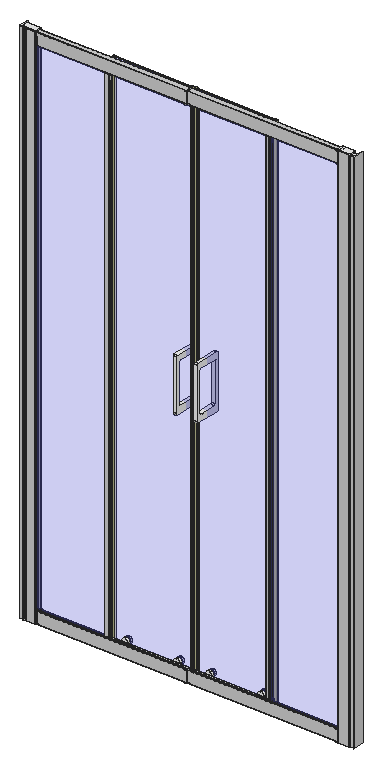
Revit family "TOPS4", category Plumbing Fixtures, Revit 2015
Parameters (values of type "1200")
  URL = "http://www.sanswiss.com/"
  Type Comments = "TOP LINE"
  Seal = Seal
  Profile = Profile
  Model = "TOPS4"
  Manufacturer = "SanSwiss"
  Glass = Glass
  Aluminum = Aluminum
  AA = TOPS4_ : 1200
  A = 1200 mm
Types (4, lengths in mm): name | AA | A
  (no name) | TOPS4_ : 1200 | 1200
  1200 | TOPS4_ : 1200 | 1200
  1400 | TOPS4_ : 1400 | 1400
  1600 | TOPS4_ : 1600 | 1600
Reference planes
  plane 1 "Center (Front/Back)": y = 0
  plane 2: z = 0
  plane 3 "Center (Left/Right)": x = 0
  plane 4: x = 1200
  plane 5: x = 411
  plane 6: x = 1189
Dimensions and locks
  "A": plane 3 "Center (Left/Right)" to plane 4
  plane 3 "Center (Left/Right)" to plane 5 to plane 6 to plane 4 = 411 mm, 778 mm, 11 mm
  aligned and locked: level to plane 2
  aligned and locked: plane 3 "Center (Left/Right)" to nested 1
  aligned and locked: nested 2 to plane 4
Nested families
  nested 1: "TOPS4_" at (0, 0, 0), type <- "AA", type "1200"
  nested 2: "TOPS4_" at (1200, 0, 0) x (-1, 0, 0) z (0, 0, 1), type <- "AA", type "1200"
Definition of nested family "TOPS4_"
  Parameters (values of type "1200")
    Seal = none
    Profile = none
    Glass = none
    C = 289 mm
    B = 311 mm
    Aluminum = none
    A = B + C  # 600 mm
  Types (3, lengths in mm): name | C | B | A
    1200 | 289 | 311 | 600
    1600 | 389 | 411 | 800
    1400 | 339 | 361 | 700
  Reference planes
    plane 1 "Center (Front/Back)": y = 0
    plane 2: z = 0
    plane 3 "Center (Left/Right)": x = 0
    plane 4 "koniec": x = 600
    plane 5: x = 556.533
    plane 6: x = 593
    plane 7: x = 311
    plane 8: x = 356.146
    plane 9: x = 542.893
  Forms (mm)
    Sweep 1, solid, material <- "Profile"
      path origin (0, 12.3, 0) x (0, 1, 0) y (0, 0, 1)
        loop
          line (0, 1900.5) -> (0, 0)
      profile origin (0, 12.3, 950.25) x (1, 0, 0) y (0, 1, 0)
        loop
          line (1.457, -9) -> (32.5, -9)
          arc (32.5, -9) -> (33.561, -8.561) -> (34, -7.5) r 1.5
          line (34, -7.5) -> (34, 7.5)
          arc (34, 7.5) -> (33.561, 8.561) -> (32.5, 9) r 1.5
          line (32.5, 9) -> (2.518, 9)
          arc (2.518, 9) -> (1.798, 9.298) -> (1.5, 10.018) r 1.018
          line (1.5, 10.018) -> (1.5, 27.3)
          arc (1.5, 27.3) -> (1.061, 28.361) -> (0, 28.8) r 1.5
          line (0, 28.8) -> (0, -7.543)
          arc (0, -7.543) -> (0.427, -8.573) -> (1.457, -9) r 1.457
    Sweep 2, solid, material <- "Profile"
      path origin (0, 12.3, 0) x (0, 1, 0) y (0, 0, 1)
        loop
          line (0, 1902.5) -> (0, 0)
      profile origin (0, 12.3, 951.25) x (1, 0, 0) y (0, 1, 0)
        loop
          line (14.5, 9) -> (16, 9) -> (16, 11) -> (22.9, 11) -> (22.9, 9.2) -> (24.2, 9.2) -> (24.2, 11) -> (56.7, 11)
          arc (56.7, 11) -> (57.054, 10.854) -> (57.2, 10.5) r 0.5
          line (57.2, 10.5) -> (57.2, 6.4)
          arc (57.2, 6.4) -> (57.054, 6.046) -> (56.7, 5.9) r 0.5
          line (56.7, 5.9) -> (48.542, 5.9)
          arc (48.542, 5.9) -> (47.452, 5.448) -> (47, 4.358) r 1.542
          line (47, 4.358) -> (47, -4.422)
          arc (47, -4.422) -> (47.433, -5.467) -> (48.478, -5.9) r 1.478
          line (48.478, -5.9) -> (56.7, -5.9)
          arc (56.7, -5.9) -> (57.054, -6.046) -> (57.2, -6.4) r 0.5
          line (57.2, -6.4) -> (57.2, -10.5)
          arc (57.2, -10.5) -> (57.054, -10.854) -> (56.7, -11) r 0.5
          line (56.7, -11) -> (24.2, -11) -> (24.2, -9.2) -> (22.9, -9.2) -> (22.9, -11) -> (16, -11) -> (16, -9) -> (14.5, -9) -> (14.5, -10.8)
          arc (14.5, -10.8) -> (14.939, -11.861) -> (16, -12.3) r 1.5
          line (16, -12.3) -> (57.499, -12.3)
          arc (57.499, -12.3) -> (58.207, -12.007) -> (58.5, -11.299) r 1.001
          line (58.5, -11.299) -> (58.5, -4.639)
          arc (58.5, -4.639) -> (58.313, -4.187) -> (57.861, -4) r 0.639
          line (57.861, -4) -> (48.3, -4) -> (48.3, 4) -> (57.913, 4)
          arc (57.913, 4) -> (58.328, 4.172) -> (58.5, 4.587) r 0.587
          line (58.5, 4.587) -> (58.5, 11.329)
          arc (58.5, 11.329) -> (58.216, 12.016) -> (57.529, 12.3) r 0.971
          line (57.529, 12.3) -> (16, 12.3)
          arc (16, 12.3) -> (14.939, 11.861) -> (14.5, 10.8) r 1.5
          line (14.5, 10.8) -> (14.5, 9)
    Extrusion 3, solid, material <- "Glass"
      sketch origin (-175.779, 0.119, -1) x (0, -1, 0) y (1, 0, 0)
        loop
          line (-15.181, 486.779) -> (-15.181, 227.079) -> (-9.181, 227.079) -> (-9.181, 486.779) -> (-15.181, 486.779)
      from 41 to 1859
    Extrusion 4, solid, material <- "Glass"
      sketch origin (1075.162, 29.219, 0) x (0, 1, 0) y (-1, 0, 0)
        loop
          line (14.681, 769.215) -> (8.681, 769.215) -> (8.681, 482.162) -> (14.681, 482.162) -> (14.681, 769.215)
      from 14.5 to 1894.5
    Extrusion 5, solid, material <- "Aluminum"
      sketch origin (0, 0, 0) x (1, 0, 0) y (0, 1, 0)
        loop
          line (34, 4.809) -> (34, 19.786)
          arc (34, 19.786) -> (33.557, 20.857) -> (32.486, 21.3) r 1.514
          line (32.486, 21.3) -> (1.499, 21.3)
          arc (1.499, 21.3) -> (0.439, 20.861) -> (0, 19.801) r 1.499
          line (0, 19.801) -> (0, 4.811)
          arc (0, 4.811) -> (0.443, 3.743) -> (1.511, 3.3) r 1.511
          line (1.511, 3.3) -> (32.491, 3.3)
          arc (32.491, 3.3) -> (33.558, 3.742) -> (34, 4.809) r 1.509
      from 1900.5 to 1901.5
    Extrusion 6, solid, material <- "Aluminum"
      sketch origin (0, 0, 0) x (1, 0, 0) y (0, 1, 0)
        loop
          line (57.68, 24.6) -> (16.035, 24.6)
          arc (16.035, 24.6) -> (14.95, 24.15) -> (14.5, 23.065) r 1.535
          line (14.5, 23.065) -> (14.5, 21.214)
          arc (14.5, 21.214) -> (13.134, 21.025) -> (12.5, 19.8) r 1.5
          line (12.5, 19.8) -> (12.5, 4.8)
          arc (12.5, 4.8) -> (13.134, 3.575) -> (14.5, 3.386) r 1.5
          line (14.5, 3.386) -> (14.5, 1.474)
          arc (14.5, 1.474) -> (14.932, 0.432) -> (15.974, 0) r 1.474
          line (15.974, 0) -> (57.668, 0)
          arc (57.668, 0) -> (58.256, 0.244) -> (58.5, 0.832) r 0.832
          line (58.5, 0.832) -> (58.5, 23.78)
          arc (58.5, 23.78) -> (58.26, 24.36) -> (57.68, 24.6) r 0.82
      from 1902.5 to 1905
    Extrusion 7, solid, material <- "Profile"
      sketch origin (751.265, 9.581, 1884.563) x (0, 0, -1) y (0, -1, 0)
        loop
          arc (-16.42, 8.081) -> (-17.493, 7.636) -> (-17.937, 6.564) r 1.517
          line (-17.937, 6.564) -> (-17.937, -11.794)
          arc (-17.937, -11.794) -> (-17.49, -12.873) -> (-16.412, -13.319) r 1.525
          line (-16.412, -13.319) -> (-11.169, -13.319)
          arc (-11.169, -13.319) -> (-9.871, -12.825) -> (-9.189, -11.615) r 2.041
          arc (-9.189, -11.615) -> (-6.793, -6.635) -> (-2.1, -3.715) r 9.898
          line (-2.1, -3.715) -> (-1.529, -3.145)
          arc (-1.529, -3.145) -> (-1.215, -2.487) -> (-0.537, -2.219) r 0.995
          line (-0.537, -2.219) -> (14.583, -2.219)
          arc (14.583, -2.219) -> (15.276, -2.506) -> (15.563, -3.199) r 0.98
          line (15.563, -3.199) -> (15.563, -4.486)
          arc (15.563, -4.486) -> (15.721, -4.92) -> (16.121, -5.151) r 0.676
          line (16.121, -5.151) -> (17.919, -5.468)
          arc (17.919, -5.468) -> (20.551, -8.898) -> (17.363, -11.819) r 3.2
          line (17.363, -11.819) -> (16.313, -11.819)
          arc (16.313, -11.819) -> (15.563, -12.569) -> (16.313, -13.319) r 0.75
          line (16.313, -13.319) -> (17.363, -13.319)
          arc (17.363, -13.319) -> (20.686, -11.943) -> (22.063, -8.619) r 4.7
          line (22.063, -8.619) -> (22.063, 6.581) -> (25.063, 6.581) -> (25.063, 4.981) -> (24.075, 4.512) -> (24.475, 3.412) -> (25.552, 3.35)
          arc (25.552, 3.35) -> (26.281, 3.845) -> (26.563, 4.681) r 1.381
          line (26.563, 4.681) -> (26.563, 6.7)
          arc (26.563, 6.7) -> (26.158, 7.676) -> (25.182, 8.081) r 1.381
          line (25.182, 8.081) -> (-16.42, 8.081)
      from 151.265 to 696.265
    Extrusion 8, solid, material <- "Aluminum"
      sketch origin (1.5, 22.318, 1900.5) x (0, 0, -1) y (0, 1, 0)
        loop
          circle (100, 8.982) r 6.734
      from 0 to 5.417
    Extrusion 9, solid, material <- "Aluminum"
      sketch origin (1.5, 22.318, 1051.472) x (0, 0, -1) y (0, 1, 0)
        loop
          circle (102.5, 8.982) r 6.734
      from 0 to 5.417
    Extrusion 10, solid, material <- "Aluminum"
      sketch origin (1.5, 22.318, 202.454) x (0, 0, -1) y (0, 1, 0)
        loop
          circle (102.5, 8.982) r 6.734
      from 0 to 5.417
    Extrusion 11, solid, material <- "Profile"
      sketch origin (58.5, 10.545, 23.549) x (0, -1, 0) y (0, 0, 1)
        loop
          line (9.099, -21.998) -> (9.099, 19.878)
          arc (9.099, 19.878) -> (8.604, 21.073) -> (7.409, 21.569) r 1.691
          line (7.409, 21.569) -> (5.602, 21.569)
          arc (5.602, 21.569) -> (4.748, 21.215) -> (4.394, 20.36) r 1.209
          arc (4.394, 20.36) -> (4.355, 19.762) -> (4.868, 19.451) r 0.578
          line (4.868, 19.451) -> (6.945, 19.451)
          arc (6.945, 19.451) -> (7.299, 19.305) -> (7.445, 18.951) r 0.5
          line (7.445, 18.951) -> (7.445, 16.451) -> (-7.755, 16.451)
          arc (-7.755, 16.451) -> (-11.078, 15.075) -> (-12.455, 11.751) r 4.7
          line (-12.455, 11.751) -> (-12.455, 10.701)
          arc (-12.455, 10.701) -> (-11.705, 9.951) -> (-10.955, 10.701) r 0.75
          line (-10.955, 10.701) -> (-10.955, 11.751)
          arc (-10.955, 11.751) -> (-8.034, 14.939) -> (-4.603, 12.307) r 3.2
          line (-4.603, 12.307) -> (-4.274, 10.439)
          arc (-4.274, 10.439) -> (-4.072, 10.089) -> (-3.694, 9.951) r 0.589
          line (-3.694, 9.951) -> (-2.331, 9.951)
          arc (-2.331, 9.951) -> (-1.641, 9.665) -> (-1.355, 8.975) r 0.977
          line (-1.355, 8.975) -> (-1.355, -6.149)
          arc (-1.355, -6.149) -> (-1.556, -6.749) -> (-2.078, -7.107) r 0.997
          line (-2.078, -7.107) -> (-2.791, -7.521) -> (-3.079, -8.426)
          arc (-3.079, -8.426) -> (-5.725, -12.329) -> (-9.855, -14.606) r 10.101
          line (-9.855, -14.606) -> (-10.87, -14.829)
          arc (-10.87, -14.829) -> (-12.016, -15.522) -> (-12.465, -16.782) r 1.994
          line (-12.465, -16.782) -> (-12.465, -22.045)
          arc (-12.465, -22.045) -> (-12.013, -23.136) -> (-10.923, -23.587) r 1.542
          line (-10.923, -23.587) -> (7.51, -23.587)
          arc (7.51, -23.587) -> (8.634, -23.122) -> (9.099, -21.998) r 1.589
      from -541.5 to 0
    Sweep 12, solid, material <- "Profile"
      path origin (311, 9.3, -1) x (0, 1, 0) y (0, 0, 1)
        loop
          line (3, 1859) -> (3, 41)
      profile origin (311, 12.3, 949) x (1, 0, 0) y (0, 1, 0)
        loop
          line (1.9, 5.523) -> (1.9, 9.873)
          arc (1.9, 9.873) -> (1.25, 10.523) -> (0.6, 9.873) r 0.65
          line (0.6, 9.873) -> (0.6, 5.523) -> (-8.895, 5.523)
          arc (-8.895, 5.523) -> (-9.645, 4.773) -> (-8.895, 4.023) r 0.75
          line (-8.895, 4.023) -> (0.066, 4.023)
          arc (0.066, 4.023) -> (0.444, 3.866) -> (0.6, 3.489) r 0.534
          line (0.6, 3.489) -> (0.6, -3.443)
          arc (0.6, -3.443) -> (0.444, -3.82) -> (0.066, -3.977) r 0.534
          line (0.066, -3.977) -> (-8.88, -3.977)
          arc (-8.88, -3.977) -> (-9.63, -4.727) -> (-8.88, -5.477) r 0.75
          line (-8.88, -5.477) -> (7.385, -5.477)
          arc (7.385, -5.477) -> (8.103, -5.179) -> (8.4, -4.462) r 1.015
          line (8.4, -4.462) -> (8.4, 4.508)
          arc (8.4, 4.508) -> (8.103, 5.226) -> (7.384, 5.523) r 1.016
          line (7.384, 5.523) -> (1.9, 5.523)
    Sweep 13, solid, material <- "Seal"
      path origin (305.948, 37.9, 0) x (0, 1, 0) y (0, 0, -1)
        loop
          line (3, -1894.5) -> (3, -14.5)
      profile origin (305.948, 40.9, 954.5) x (-1, 0, 0) y (0, -1, 0)
        loop
          arc (1.2, 20.901) -> (0.905, 21.201) -> (0.6, 20.911) r 0.3
          line (0.6, 20.911) -> (0.024, 4.424) -> (-8.049, 3.923)
          arc (-8.049, 3.923) -> (-8.627, 3.626) -> (-8.8, 3) r 0.809
          line (-8.8, 3) -> (-3.532, 3) -> (-0.319, 3.199) -> (0, 2.448) -> (0, -2.448) -> (-0.319, -3.199) -> (-3.532, -3) -> (-8.8, -3)
          arc (-8.8, -3) -> (-8.627, -3.626) -> (-8.049, -3.923) r 0.809
          line (-8.049, -3.923) -> (-0.369, -4.398)
          arc (-0.369, -4.398) -> (0.734, -4) -> (1.2, -2.923) r 1.478
          line (1.2, -2.923) -> (1.2, 20.901)
    Extrusion 14, void
      sketch origin (581.048, 19.999, 1894.5) x (0, 1, 0) y (0, 0, -1)
        loop
          line (5.7, 1851) -> (5.7, 1880) -> (-2.176, 1880) -> (-2.176, 1843.001)
          arc (-2.176, 1843.001) -> (3.401, 1845.387) -> (5.7, 1851) r 8
      from -388.862 to 378.8
    Extrusion 15, void
      sketch origin (581.048, 19.999, 15.369) x (0, 1, 0) y (0, 0, -1)
        loop
          arc (5.7, -1851) -> (3.401, -1845.387) -> (-2.176, -1843.001) r 8
          line (-2.176, -1843.001) -> (-2.176, -1880) -> (5.7, -1880) -> (5.7, -1851)
      from -446.447 to 491.048
    Sweep 16, solid, material <- "Seal"
      path origin (593, 43.9, 0) x (0, -1, 0) y (0, 0, -1)
        loop
          line (3, -1894.5) -> (3, -14.5)
      profile origin (593, 40.9, 954.5) x (1, 0, 0) y (0, 1, 0)
        loop
          line (-3.108, 3.003) -> (-1.095, 3.286)
          arc (-1.095, 3.286) -> (-0.377, 3.1) -> (0, 2.46) r 0.97
          line (0, 2.46) -> (0, -2.46)
          arc (0, -2.46) -> (-0.377, -3.1) -> (-1.095, -3.286) r 0.97
          line (-1.095, -3.286) -> (-3.149, -2.997) -> (-7.029, -2.988)
          arc (-7.029, -2.988) -> (-6.774, -3.49) -> (-6.279, -3.757) r 0.947
          line (-6.279, -3.757) -> (-1.312, -4.477)
          arc (-1.312, -4.477) -> (-0.753, -4.486) -> (-0.209, -4.355) r 2.201
          arc (-0.209, -4.355) -> (1.689, -5.925) -> (4.084, -6.504) r 5.475
          arc (4.084, -6.504) -> (6.111, -5.903) -> (6.988, -3.979) r 2.549
          line (6.988, -3.979) -> (6.988, 3.979)
          arc (6.988, 3.979) -> (6.111, 5.903) -> (4.084, 6.504) r 2.549
          arc (4.084, 6.504) -> (1.689, 5.925) -> (-0.209, 4.355) r 5.475
          arc (-0.209, 4.355) -> (-0.753, 4.486) -> (-1.312, 4.477) r 2.201
          line (-1.312, 4.477) -> (-6.279, 3.757)
          arc (-6.279, 3.757) -> (-6.765, 3.498) -> (-7.025, 3.012) r 0.947
          line (-7.025, 3.012) -> (-3.108, 3.003)
  Cuts and joins
    Extrusion 14, Extrusion 15 cuts Sweep 13
    Extrusion 15 cuts Extrusion 11
    Extrusion 15 cuts Sweep 12
  Dimensions and locks
    locked: plane 5 to plane 4 "koniec" at 43.467
    locked: plane 6 to plane 4 "koniec" at 7
    locked: plane 9 to plane 4 "koniec" at 57.107
    "B": plane 3 "Center (Left/Right)" to plane 7
    "C": plane 7 to plane 4 "koniec"
    locked: plane 7 to plane 8 at 45.146
    aligned and locked: level to plane 2
    aligned and locked: plane 5 to nested 1
    aligned and locked: plane 6 to Extrusion 4
    aligned and locked: Extrusion 3 to plane 7
    aligned and locked: nested 2 to plane 8
    aligned and locked: plane 9 to nested 3
    aligned and locked: plane 4 "koniec" to Extrusion 7
    aligned and locked: plane 4 "koniec" to cut or joined group of Extrusion 11, Extrusion 15
    aligned and locked: plane 9 to nested 5
    aligned and locked: nested 4 to plane 8
  Automatic sketch dimensions
    Sweep 1 sketch curve to level = 0 mm
    Sweep 1 sketch curve to plane 1 "Center (Front/Back)" = 12.3 mm
    level to Sweep 1 sketch curve = 1900.5 mm
    Sweep 2 sketch curve to level = 0 mm
    Sweep 2 sketch curve to plane 1 "Center (Front/Back)" = 12.3 mm
    level to Sweep 2 sketch curve = 1902.5 mm
    Extrusion 3 sketch curve to plane 7 = 0 mm
    Extrusion 3 sketch curve to plane 1 "Center (Front/Back)" = 15.3 mm
    Extrusion 3 sketch curve to Extrusion 3 sketch curve = 6 mm
    plane 3 "Center (Left/Right)" to Extrusion 3 sketch curve = 51.3 mm
    Extrusion 4 sketch curve to plane 6 = 0 mm
    Extrusion 4 sketch curve to plane 1 "Center (Front/Back)" = 37.9 mm
    Extrusion 4 sketch curve to Extrusion 4 sketch curve = 6 mm
    Extrusion 5 sketch curve to plane 3 "Center (Left/Right)" = 0 mm
    plane 3 "Center (Left/Right)" to Extrusion 5 sketch curve = 1.499 mm
    plane 3 "Center (Left/Right)" to Extrusion 5 sketch curve = 1.511 mm
    Extrusion 5 sketch curve to plane 1 "Center (Front/Back)" = 19.786 mm
    Extrusion 5 sketch curve to Extrusion 5 sketch curve = 30.987 mm
    Extrusion 5 sketch curve to plane 1 "Center (Front/Back)" = 4.809 mm
    Extrusion 5 sketch curve to Extrusion 5 sketch curve = 0.005 mm
    Extrusion 5 sketch curve to Extrusion 5 sketch curve = 1.514 mm
    plane 1 "Center (Front/Back)" to Extrusion 6 sketch curve = 0 mm
    plane 3 "Center (Left/Right)" to Extrusion 6 sketch curve = 12.5 mm
    Extrusion 6 sketch curve to Extrusion 6 sketch curve = 1.5 mm  (x2)
    Extrusion 6 sketch curve to plane 1 "Center (Front/Back)" = 1.474 mm
    Extrusion 6 sketch curve to Extrusion 6 sketch curve = 0.5 mm  (x2)
    Extrusion 6 sketch curve to Extrusion 6 sketch curve = 1.535 mm
    Extrusion 6 sketch curve to plane 1 "Center (Front/Back)" = 0.832 mm
    Extrusion 6 sketch curve to Extrusion 6 sketch curve = 41.694 mm
    Extrusion 6 sketch curve to Extrusion 6 sketch curve = 0.82 mm
    Extrusion 6 sketch curve to Extrusion 6 sketch curve = 1.912 mm
    Extrusion 6 sketch curve to Extrusion 6 sketch curve = 15 mm
    Extrusion 6 sketch curve to Extrusion 6 sketch curve = 1.851 mm
    Sweep 1 to Extrusion 8 sketch curve = 8.982 mm
    Sweep 1 to Extrusion 8 sketch curve = 100 mm
    Sweep 1 to Extrusion 9 sketch curve = 8.982 mm
    Sweep 1 to Extrusion 9 sketch curve = 948.972 mm
    Sweep 1 to Extrusion 10 sketch curve = 8.982 mm
    Sweep 1 to Extrusion 10 sketch curve = 99.954 mm
    Sweep 12 sketch curve to Extrusion 3 = 0 mm
    Extrusion 3 to Sweep 12 sketch curve = 3 mm
    Extrusion 3 to Sweep 12 sketch curve = 0 mm
    Sweep 13 sketch curve to Extrusion 4 = 0 mm
    Extrusion 4 to Sweep 13 sketch curve = 0 mm
    Sweep 13 sketch curve to Extrusion 4 = 3 mm
    Sweep 13 sketch curve to profile plane = 0.278 mm
    Sweep 13 sketch curve to Sweep 13 sketch curve = 0.041 mm
    Sweep 13 sketch curve to profile plane = 0.319 mm
    Sweep 13 sketch curve to profile plane = 0.369 mm
    Sweep 13 sketch curve to Sweep 13 sketch curve = 3.213 mm  (x2)
    Sweep 13 sketch curve to Sweep 13 sketch curve = 4.467 mm  (x2)
    profile plane to Sweep 13 sketch curve = 3.923 mm
    Sweep 13 sketch curve to Sweep 13 sketch curve = 0.05 mm  (x2)
    Sweep 13 sketch curve to Sweep 13 sketch curve = 0.801 mm  (x2)
    profile plane to Sweep 13 sketch curve = 0.024 mm
    profile plane to Sweep 13 sketch curve = 0.6 mm
    Sweep 13 sketch curve to Sweep 13 sketch curve = 0.3 mm
    profile plane to Sweep 13 sketch curve = 1.2 mm
    profile plane to Sweep 13 sketch curve = 4.398 mm
    Sweep 13 sketch curve to Sweep 13 sketch curve = 0.276 mm
    Sweep 13 sketch curve to Sweep 13 sketch curve = 0.807 mm
    Sweep 13 sketch curve to Sweep 13 sketch curve = 0.474 mm
    Sweep 13 sketch curve to profile plane = 3 mm
    Sweep 13 sketch curve to Sweep 13 sketch curve = 0.116 mm
    Sweep 13 sketch curve to profile plane = 3.199 mm
    Sweep 13 sketch curve to Sweep 13 sketch curve = 1.225 mm
    Sweep 13 sketch curve to Sweep 13 sketch curve = 16.477 mm
    Sweep 13 sketch curve to profile plane = 3.925 mm
    Sweep 13 sketch curve to Sweep 13 sketch curve = 0 mm
    Sweep 13 sketch curve to Sweep 13 sketch curve = 0.75 mm
    Extrusion 14 sketch curve to plane 1 "Center (Front/Back)" = 17.699 mm
    Extrusion 14 sketch curve to Extrusion 14 sketch curve = 0.124 mm
    Extrusion 14 sketch curve to Extrusion 14 sketch curve = 8 mm
    level to Extrusion 14 sketch curve = 51.499 mm
    level to Extrusion 14 sketch curve = 14.5 mm
    Extrusion 15 sketch curve to plane 1 "Center (Front/Back)" = 17.699 mm
    Extrusion 15 sketch curve to Extrusion 15 sketch curve = 0.124 mm
    Extrusion 15 sketch curve to Extrusion 15 sketch curve = 8 mm
    level to Extrusion 15 sketch curve = 1895.369 mm
    Extrusion 15 sketch curve to Extrusion 15 sketch curve = 29 mm
    plane 7 to Extrusion 4 sketch curve = 5.052 mm
    Sweep 16 sketch curve to Extrusion 4 = 0 mm
    Extrusion 4 to Sweep 16 sketch curve = 0 mm
    Sweep 16 sketch curve to Extrusion 4 = 3 mm
    Sweep 16 sketch curve to profile plane = 3.108 mm
    profile plane to Sweep 16 sketch curve = 2.997 mm
    Sweep 16 sketch curve to Sweep 16 sketch curve = 0.041 mm
    Sweep 16 sketch curve to Sweep 16 sketch curve = 0.746 mm
    Sweep 16 sketch curve to Sweep 16 sketch curve = 0.929 mm
    Sweep 16 sketch curve to Sweep 16 sketch curve = 0.183 mm
    Sweep 16 sketch curve to Sweep 16 sketch curve = 4.967 mm
    profile plane to Sweep 16 sketch curve = 3.286 mm
    Sweep 16 sketch curve to Sweep 16 sketch curve = 0.216 mm  (x2)
    Sweep 16 sketch curve to Sweep 16 sketch curve = 0.099 mm  (x2)
    Sweep 16 sketch curve to Sweep 16 sketch curve = 0.036 mm  (x2)
    Sweep 16 sketch curve to Sweep 16 sketch curve = 1.192 mm  (x2)
    Sweep 16 sketch curve to Sweep 16 sketch curve = 0.026 mm  (x2)
    Sweep 16 sketch curve to Sweep 16 sketch curve = 2.058 mm
    Sweep 16 sketch curve to Sweep 16 sketch curve = 4.598 mm
    Sweep 16 sketch curve to Sweep 16 sketch curve = 0.135 mm
    Sweep 16 sketch curve to Sweep 16 sketch curve = 0.184 mm
    Sweep 16 sketch curve to Sweep 16 sketch curve = 1.102 mm  (x2)
    Sweep 16 sketch curve to Sweep 16 sketch curve = 3.171 mm
    Sweep 16 sketch curve to profile plane = 3.012 mm
    profile plane to Sweep 16 sketch curve = 2.988 mm
    Sweep 16 sketch curve to Sweep 16 sketch curve = 0.004 mm
    Sweep 16 sketch curve to profile plane = 3.003 mm
    Sweep 16 sketch curve to Sweep 16 sketch curve = 3.149 mm
    Sweep 16 sketch curve to Sweep 16 sketch curve = 0.75 mm
    Sweep 16 sketch curve to Sweep 16 sketch curve = 0.16 mm
    plane 3 "Center (Left/Right)" to Sweep 1 sketch curve = 1.457 mm
    Sweep 1 sketch curve to Sweep 1 sketch curve = 1.018 mm
    profile plane to Sweep 1 sketch curve = 9 mm
    Sweep 1 sketch curve to Sweep 1 sketch curve = 31.043 mm
    Sweep 1 sketch curve to profile plane = 9 mm
    Sweep 1 sketch curve to Sweep 1 sketch curve = 0 mm
    Sweep 1 sketch curve to Sweep 1 sketch curve = 1.5 mm  (x2)
    Sweep 1 sketch curve to Sweep 1 sketch curve = 17.282 mm
    Sweep 1 sketch curve to plane 3 "Center (Left/Right)" = 0 mm
    plane 3 "Center (Left/Right)" to Sweep 2 sketch curve = 14.5 mm  (x2)
    Sweep 2 sketch curve to Sweep 2 sketch curve = 1.5 mm  (x3)
    Sweep 2 sketch curve to Sweep 2 sketch curve = 0 mm  (x5)
    Sweep 2 sketch curve to Sweep 2 sketch curve = 6.9 mm  (x2)
    Sweep 2 sketch curve to Sweep 2 sketch curve = 1.3 mm  (x3)
    Sweep 2 sketch curve to profile plane = 4.358 mm
    Sweep 2 sketch curve to Sweep 2 sketch curve = 22.8 mm
    Sweep 2 sketch curve to Sweep 2 sketch curve = 0.178 mm
    Sweep 2 sketch curve to Sweep 2 sketch curve = 0.242 mm
    Sweep 2 sketch curve to Sweep 2 sketch curve = 8.158 mm
    Sweep 2 sketch curve to Sweep 2 sketch curve = 8.222 mm
    Sweep 2 sketch curve to Sweep 2 sketch curve = 0.5 mm  (x2)
    Sweep 2 sketch curve to Sweep 2 sketch curve = 0.799 mm
    Sweep 2 sketch curve to Sweep 2 sketch curve = 0.829 mm
    Sweep 2 sketch curve to Sweep 2 sketch curve = 1.161 mm
    Sweep 2 sketch curve to Sweep 2 sketch curve = 1.213 mm
    Sweep 2 sketch curve to Sweep 2 sketch curve = 1.001 mm
    Sweep 2 sketch curve to Sweep 2 sketch curve = 0.971 mm
    Sweep 2 sketch curve to Sweep 2 sketch curve = 1.9 mm
    profile plane to Sweep 2 sketch curve = 4 mm
    Sweep 2 sketch curve to Sweep 2 sketch curve = 0.422 mm
    profile plane to Sweep 2 sketch curve = 9 mm
    Sweep 2 sketch curve to Sweep 2 sketch curve = 0.2 mm  (x3)
    Sweep 2 sketch curve to Sweep 2 sketch curve = 4.1 mm  (x2)
    Sweep 2 sketch curve to Sweep 2 sketch curve = 1.8 mm  (x2)
    Sweep 16 sketch curve to profile plane = 1.312 mm
    profile plane to Sweep 16 sketch curve = 1.029 mm
    profile plane to Sweep 16 sketch curve = 4.14 mm
    Sweep 16 sketch curve to Sweep 16 sketch curve = 0 mm
    Sweep 16 sketch curve to Sweep 16 sketch curve = 0.299 mm  (x2)
    Sweep 16 sketch curve to Sweep 16 sketch curve = 2.549 mm
    profile plane to Sweep 16 sketch curve = 3.979 mm
    Sweep 16 sketch curve to Sweep 16 sketch curve = 0.825 mm
    Sweep 16 sketch curve to profile plane = 3.979 mm
    Sweep 12 sketch curve to profile plane = 8.895 mm
    Sweep 12 sketch curve to profile plane = 8.88 mm
    profile plane to Sweep 12 sketch curve = 0.066 mm  (x2)
    Sweep 12 sketch curve to Sweep 12 sketch curve = 0.534 mm
    profile plane to Sweep 12 sketch curve = 0.6 mm
    Sweep 12 sketch curve to Sweep 12 sketch curve = 0.65 mm
    Sweep 12 sketch curve to Sweep 12 sketch curve = 5.484 mm
    profile plane to Sweep 12 sketch curve = 4.462 mm
    Sweep 12 sketch curve to Sweep 12 sketch curve = 6.785 mm
    Sweep 12 sketch curve to Sweep 12 sketch curve = 1.016 mm
    Sweep 12 sketch curve to Sweep 12 sketch curve = 0.75 mm  (x2)
    Sweep 12 sketch curve to profile plane = 3.489 mm
    Sweep 12 sketch curve to profile plane = 4.508 mm
    Sweep 12 sketch curve to Sweep 12 sketch curve = 4.35 mm
    Sweep 13 sketch curve to profile plane = 0 mm
    Extrusion 11 sketch curve to Extrusion 11 sketch curve = 0 mm  (x2)
    Extrusion 11 sketch curve to plane 1 "Center (Front/Back)" = 23.077 mm
    level to Extrusion 11 sketch curve = 1.503 mm
    Extrusion 11 sketch curve to Extrusion 11 sketch curve = 0.067 mm
    Extrusion 11 sketch curve to Extrusion 11 sketch curve = 0.077 mm
    Extrusion 11 sketch curve to Extrusion 11 sketch curve = 0.75 mm
    Extrusion 11 sketch curve to level = 0.039 mm
    Extrusion 11 sketch curve to Extrusion 11 sketch curve = 1.594 mm
    Extrusion 11 sketch curve to Extrusion 11 sketch curve = 1.994 mm
    level to Extrusion 11 sketch curve = 8.943 mm
    Extrusion 11 sketch curve to Extrusion 11 sketch curve = 1.016 mm
    Extrusion 11 sketch curve to Extrusion 11 sketch curve = 3.2 mm
    Extrusion 11 sketch curve to Extrusion 11 sketch curve = 3.151 mm
    Extrusion 11 sketch curve to Extrusion 11 sketch curve = 0.329 mm
    Extrusion 11 sketch curve to Extrusion 11 sketch curve = 0.58 mm
    Extrusion 11 sketch curve to Extrusion 11 sketch curve = 6.776 mm
    Extrusion 11 sketch curve to Extrusion 11 sketch curve = 0.288 mm
    Extrusion 11 sketch curve to Extrusion 11 sketch curve = 0.439 mm
    Extrusion 11 sketch curve to Extrusion 11 sketch curve = 1.362 mm
    Extrusion 11 sketch curve to Extrusion 11 sketch curve = 0.713 mm
    Extrusion 11 sketch curve to Extrusion 11 sketch curve = 0.977 mm
    Extrusion 11 sketch curve to plane 1 "Center (Front/Back)" = 5.677 mm
    Extrusion 11 sketch curve to Extrusion 11 sketch curve = 0.735 mm
    Extrusion 11 sketch curve to Extrusion 11 sketch curve = 2.077 mm
    Extrusion 11 sketch curve to Extrusion 11 sketch curve = 1.806 mm
    Extrusion 11 sketch curve to Extrusion 11 sketch curve = 0.5 mm
    Extrusion 11 sketch curve to plane 1 "Center (Front/Back)" = 3.035 mm
    Extrusion 11 sketch curve to plane 1 "Center (Front/Back)" = 1.446 mm
    Extrusion 11 sketch curve to Extrusion 11 sketch curve = 2.177 mm
    Extrusion 11 sketch curve to Extrusion 11 sketch curve = 6.18 mm
    Extrusion 11 sketch curve to Extrusion 11 sketch curve = 0.905 mm
    Extrusion 11 sketch curve to Extrusion 11 sketch curve = 0.413 mm
    Extrusion 11 sketch curve to Extrusion 11 sketch curve = 15.123 mm
    Extrusion 11 sketch curve to Extrusion 11 sketch curve = 0.487 mm
    Extrusion 11 sketch curve to Extrusion 11 sketch curve = 0.263 mm
    Extrusion 11 sketch curve to Extrusion 11 sketch curve = 1.05 mm
    Extrusion 11 sketch curve to Extrusion 11 sketch curve = 2.5 mm
    Extrusion 11 sketch curve to Extrusion 11 sketch curve = 0.926 mm
    Extrusion 11 sketch curve to Extrusion 11 sketch curve = 0.578 mm
    Extrusion 7 sketch curve to Extrusion 7 sketch curve = 0 mm  (x4)
    Extrusion 7 sketch curve to plane 1 "Center (Front/Back)" = 3.017 mm
    level to Extrusion 7 sketch curve = 1902.5 mm
    Extrusion 7 sketch curve to plane 1 "Center (Front/Back)" = 1.5 mm
    Extrusion 7 sketch curve to Extrusion 7 sketch curve = 5.209 mm
    Extrusion 7 sketch curve to Extrusion 7 sketch curve = 0.033 mm
    Extrusion 7 sketch curve to plane 1 "Center (Front/Back)" = 13.296 mm
    Extrusion 7 sketch curve to plane 1 "Center (Front/Back)" = 12.725 mm
    Extrusion 7 sketch curve to Extrusion 7 sketch curve = 0.571 mm
    Extrusion 7 sketch curve to Extrusion 7 sketch curve = 15.12 mm
    Extrusion 7 sketch curve to Extrusion 7 sketch curve = 0.98 mm
    Extrusion 7 sketch curve to plane 1 "Center (Front/Back)" = 14.732 mm
    Extrusion 7 sketch curve to Extrusion 7 sketch curve = 0.558 mm
    Extrusion 7 sketch curve to Extrusion 7 sketch curve = 0.676 mm
    Extrusion 7 sketch curve to Extrusion 7 sketch curve = 0.192 mm
    Extrusion 7 sketch curve to Extrusion 7 sketch curve = 1.05 mm
    Extrusion 7 sketch curve to plane 1 "Center (Front/Back)" = 15.049 mm
    Extrusion 7 sketch curve to Extrusion 7 sketch curve = 1.797 mm
    Extrusion 7 sketch curve to plane 1 "Center (Front/Back)" = 5.068 mm
    Extrusion 7 sketch curve to Extrusion 7 sketch curve = 2.012 mm
    Extrusion 7 sketch curve to plane 1 "Center (Front/Back)" = 6.168 mm
    Extrusion 7 sketch curve to Extrusion 7 sketch curve = 0.4 mm
    Extrusion 7 sketch curve to Extrusion 7 sketch curve = 0.988 mm
    Extrusion 7 sketch curve to Extrusion 7 sketch curve = 0.119 mm  (x3)
    Extrusion 7 sketch curve to plane 1 "Center (Front/Back)" = 6.23 mm
    Extrusion 7 sketch curve to Extrusion 7 sketch curve = 1.077 mm
    Extrusion 7 sketch curve to Extrusion 7 sketch curve = 1.381 mm
    Extrusion 7 sketch curve to Extrusion 7 sketch curve = 7.851 mm
    Extrusion 7 sketch curve to Extrusion 7 sketch curve = 0.3 mm
    Extrusion 7 sketch curve to Extrusion 7 sketch curve = 1.525 mm
    Extrusion 7 sketch curve to Extrusion 7 sketch curve = 9.103 mm
    Extrusion 7 sketch curve to Extrusion 7 sketch curve = 0.992 mm
    Extrusion 7 sketch curve to Extrusion 7 sketch curve = 2.674 mm
    Extrusion 7 sketch curve to Extrusion 7 sketch curve = 7.48 mm
    Extrusion 7 sketch curve to Extrusion 7 sketch curve = 9.604 mm
    Extrusion 7 sketch curve to Extrusion 7 sketch curve = 9.53 mm
    Extrusion 7 sketch curve to Extrusion 7 sketch curve = 2.041 mm
    Extrusion 7 sketch curve to Extrusion 7 sketch curve = 0.069 mm
    radius of Extrusion 8 sketch curve = 6.734 mm
    radius of Extrusion 9 sketch curve = 6.734 mm
    radius of Extrusion 10 sketch curve = 6.734 mm
  Nested families
    nested 1: "doorknob TOP" at (577.042, 28.079, -4) x (-1, 0, 0) z (0, 0, 1), type "doorknob TOP"
    nested 2: "kolka_gorne" at (356.146, 31.315, 0), type "kolka_gorne"
    nested 3: "kolka_gorne" at (542.893, 31.315, 0), type "kolka_gorne"
    nested 4: "kółka_dolne" at (356.146, 31.315, -1838.51), type "kółka_dolne"
    nested 5: "kółka_dolne" at (542.893, 31.315, -1838.51), type "kółka_dolne"
  Definition of nested family "doorknob TOP"
    Parameters (values of type "doorknob TOP")
      Aluminum = none
    Reference planes
      plane 1 "Center (Front/Back)": y = 0
      plane 2: z = 0
      plane 3 "Center (Left/Right)": x = 0
      plane 4 "przód": y = -13.458
      plane 5 "klamka": z = 1037.624
    Forms (mm)
      Extrusion 1, solid, material <- "Aluminum"
        sketch origin (0, 0, 0) x (0, 1, 0) y (0, 0, 1)
          loop
            arc (-29.7, 1046) -> (-31.114, 1045.414) -> (-31.7, 1044) r 2
            line (-31.7, 1044) -> (-31.7, 858)
            arc (-31.7, 858) -> (-31.114, 856.586) -> (-29.7, 856) r 2
            line (-29.7, 856) -> (55.3, 856)
            arc (55.3, 856) -> (56.714, 856.586) -> (57.3, 858) r 2
            line (57.3, 858) -> (57.3, 1044)
            arc (57.3, 1044) -> (56.714, 1045.414) -> (55.3, 1046) r 2
            line (55.3, 1046) -> (-29.7, 1046)
          loop
            line (-23.9, 1021.451) -> (-23.9, 884)
            arc (-23.9, 884) -> (-22.436, 880.464) -> (-18.9, 879) r 5
            line (-18.9, 879) -> (44.8, 879)
            arc (44.8, 879) -> (48.336, 880.464) -> (49.8, 884) r 5
            line (49.8, 884) -> (49.8, 1020.703)
            arc (49.8, 1020.703) -> (47.956, 1025.156) -> (43.503, 1027) r 6.297
            line (43.503, 1027) -> (-18.351, 1027)
            arc (-18.351, 1027) -> (-22.275, 1025.375) -> (-23.9, 1021.451) r 5.549
        from 7.509 to 20.509
    Dimensions and locks
      aligned and locked: level to plane 2
  Definition of nested family "kolka_gorne"
    Parameters (values of type "kolka_gorne")
      Aluminum = none
    Reference planes
      plane 1 "Center (Front/Back)": y = 0
      plane 2: z = 0
      plane 3 "Center (Left/Right)": x = 0
    Forms (mm)
      Sweep 1, solid, material <- "Aluminum"
        path origin (-12.085, -1.981, 1894.5) x (0, 1, 0) y (-1, 0, 0)
          loop
            line (18.706, -12.085) -> (1.981, -12.085)
        profile origin (0, 8.362, 1894.5) x (1, 0, 0) y (0, 0, 1)
          loop
            circle (0, -22) r 11
      Extrusion 2, solid, material <- "Aluminum"
        sketch origin (9, -5, 1868.6) x (0, 0, 1) y (1, 0, 0)
          loop
            line (0, 7.991) -> (0, -25.991)
            arc (0, -25.991) -> (0.589, -27.411) -> (2.009, -28) r 2.009
            line (2.009, -28) -> (7.809, -28)
            arc (7.809, -28) -> (9.217, -27.417) -> (9.8, -26.009) r 1.991
            line (9.8, -26.009) -> (9.8, 8.009)
            arc (9.8, 8.009) -> (9.217, 9.417) -> (7.809, 10) r 1.991
            line (7.809, 10) -> (2.009, 10)
            arc (2.009, 10) -> (0.589, 9.411) -> (0, 7.991) r 2.009
        from -5 to -0.115
      Extrusion 3, solid, material <- "Aluminum"
        sketch origin (9, -10, 1868.6) x (0, 0, -1) y (1, 0, 0)
          loop
            circle (-4.757, 5.138) r 11.314
        from -0.1 to 1.7
      Extrusion 4, solid, material <- "Aluminum"
        sketch origin (-9, -10, 1868.6) x (0, 0, -1) y (1, 0, 0)
          loop
            circle (-4.757, -5.138) r 11.314
        from -0.1 to 1.7
      Extrusion 5, solid, material <- "Aluminum"
        sketch origin (-17, -5, 1878.4) x (-1, 0, 0) y (0, -1, 0)
          loop
            line (-11.7, -10.7) -> (-11.7, -4)
            arc (-11.7, -4) -> (-17, 1.3) -> (-22.3, -4) r 5.3
            line (-22.3, -4) -> (-22.3, -10.7) -> (-11.7, -10.7)
        from 1.116 to 5.543
      Extrusion 6, solid, material <- "Aluminum"
        sketch origin (-17, -5, 1878.4) x (-1, 0, 0) y (0, -1, 0)
          loop
            line (-11.7, -10.7) -> (-11.7, -4)
            arc (-11.7, -4) -> (-17, 1.3) -> (-22.3, -4) r 5.3
            line (-22.3, -4) -> (-22.3, -10.7) -> (-11.7, -10.7)
        from -17.9 to -13.9
      Sweep 7, void
        path origin (0, 0, 0) x (1, 0, 0) y (0, 1, 0)
          loop
            line (0, 12.625) -> (0, 6.625)
        profile origin (0, 9.625, 0) x (1, 0, 0) y (0, 0, 1)
          loop
            circle (0, 1872.5) r 11
    Cuts and joins
      Sweep 7 cuts Sweep 1
    Dimensions and locks
      aligned and locked: level to plane 2
  Definition of nested family "kółka_dolne"
    Parameters (values of type "kółka_dolne")
      Aluminum = none
    Reference planes
      plane 1 "Center (Front/Back)": y = 0
      plane 2: z = 0
      plane 3 "Center (Left/Right)": x = 0
    Forms (mm)
      Sweep 1, solid, material <- "Aluminum"
        path origin (-12.085, -1.981, 1894.5) x (0, 1, 0) y (-1, 0, 0)
          loop
            line (18.706, -12.085) -> (1.981, -12.085)
        profile origin (0, 8.362, 1894.5) x (1, 0, 0) y (0, 0, 1)
          loop
            circle (0, -22) r 11
      Extrusion 2, solid, material <- "Aluminum"
        sketch origin (9, -5, 1867.2) x (0, 0, 1) y (1, 0, 0)
          loop
            line (-7.7, 7.991) -> (-7.7, -25.991)
            arc (-7.7, -25.991) -> (-7.111, -27.411) -> (-5.691, -28) r 2.009
            line (-5.691, -28) -> (0.109, -28)
            arc (0.109, -28) -> (1.517, -27.417) -> (2.1, -26.009) r 1.991
            line (2.1, -26.009) -> (2.1, 8.009)
            arc (2.1, 8.009) -> (1.517, 9.417) -> (0.109, 10) r 1.991
            line (0.109, 10) -> (-5.691, 10)
            arc (-5.691, 10) -> (-7.111, 9.411) -> (-7.7, 7.991) r 2.009
        from -5 to -0.115
      Extrusion 3, solid, material <- "Aluminum"
        sketch origin (9, -10, 1859.5) x (0, 0, -1) y (1, 0, 0)
          loop
            circle (-4.757, 5.138) r 11.314
        from -0.1 to 1.7
      Extrusion 4, solid, material <- "Aluminum"
        sketch origin (-9, -10, 1859.5) x (0, 0, -1) y (1, 0, 0)
          loop
            circle (-4.757, -5.138) r 11.314
        from -0.1 to 1.7
      Extrusion 5, solid, material <- "Aluminum"
        sketch origin (-17, -5, 1869.3) x (-1, 0, 0) y (0, -1, 0)
          loop
            line (-11.7, -10.7) -> (-11.7, -4)
            arc (-11.7, -4) -> (-17, 1.3) -> (-22.3, -4) r 5.3
            line (-22.3, -4) -> (-22.3, -10.7) -> (-11.7, -10.7)
        from -10.2 to -6.2
      Sweep 6, void
        path origin (0, 0, 0) x (1, 0, 0) y (0, 1, 0)
          loop
            line (0, 12.625) -> (0, 6.625)
        profile origin (0, 9.625, 0) x (1, 0, 0) y (0, 0, 1)
          loop
            circle (0, 1872.5) r 11
    Cuts and joins
      Sweep 6 cuts Sweep 1
    Dimensions and locks
      aligned and locked: level to plane 2
